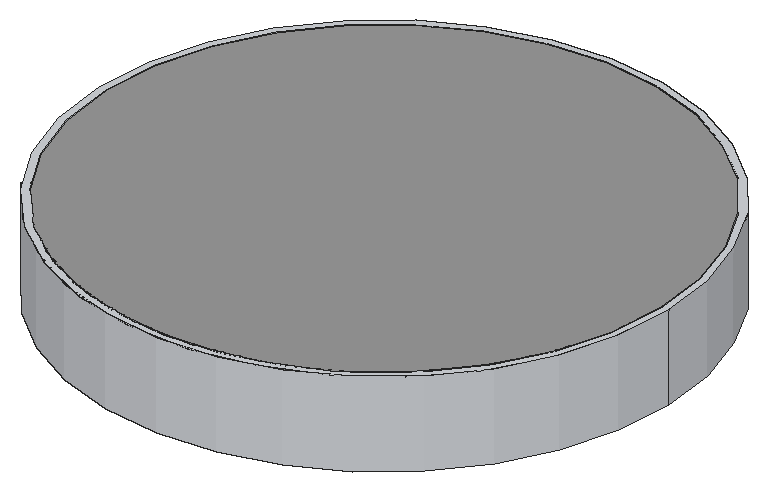
Revit family "2071156", category Lighting Fixtures, host Face, Revit 2018
Family settings
  Host = Face
  Round Connector Dimension = Use Diameter
  Part Type = Normal
  OmniClass Number = 23.80.70.00
  OmniClass Title = Lighting
  Cut with Voids When Loaded = No
  Light Source = Yes
  Shared = No
  Room Calculation Point = No
Parameters (values of type "2071156 COLOSSAL 400 940 PR DIR+H WHT")
  iner diameter = 390 mm
  Weight = "n/a"
  Wattage Comments = ""
  Wattage = 30 W
  WarrantyStartDate [instance] = "n/a"
  WarrantyGuarantorParts = "n/a"
  WarrantyDurationUnit = "n/a"
  WarrantyDurationParts = ""
  WarrantyDescription = "http://www.sylvania-lighting.com"
  built-in parameter 1150110 = 1 (stored number, unit not read)
  Voltage = 230 V
  URL = "0.93"
  TypeName = "COLOSSAL 400mm 940 PRISM DIR+HAL WHITE"
  Type Image = <None>
  Type Comments = "n/a"
  built-in parameter 1114217 = 1 (stored number, unit not read)
  Tilt Angle = -90.00°
  built-in parameter 1150109 = 1 (stored number, unit not read)
  built-in parameter 1150134 = (empty or 0)
  built-in parameter 1150113 = 1 (stored number, unit not read)
  SerialNumber [instance] = "n/a"
  Photometric Web File = "2071156.ies"
  Material_3_SYL = LED-Sylvania
  PowerFactor = 0
  PowerConsumption = "Lighting"
  NominalLength = 400 mm
  NominalHeight = 93 mm
  NominalDepth = 400 mm
  Name = "COLOSSAL 400mm 940 PRISM DIR+HAL WHITE"
  ModelReference = Name  # "COLOSSAL 400mm 940 PRISM DIR+HAL WHITE"
  ModelNumber = "2071156"
  Model = Name  # "COLOSSAL 400mm 940 PRISM DIR+HAL WHITE"
  Material = "Feilo Sylvania"
  ManufacturerName = "107 lm/W"
  Manufacturer = ""
  LuminousEfficacy = ""
  built-in parameter 1150105 = 270.44 (stored number, unit not read)
  Lumens = 3398.4 lm
  LuminaireType = "0"
  built-in parameter 1150115 = 1 (stored number, unit not read)
  LightOutputRatio = "LED"
  built-in parameter 1150137 = (empty or 0)
  built-in parameter 1150139 = (empty or 0)
  LampsType = Lamp  # "n/a"
  LampNominalLuminous = "4000 K"
  LampMacAdamStep = "90"
  LampColourTemperature = "LED"
  LampColourRenderingIndex = "16500"
  built-in parameter 1150112 = 1 (stored number, unit not read)
  built-in parameter 1150114 = 1 (stored number, unit not read)
  Lamp = "n/a"
  Keynote = "n/a"
  InstallationDate [instance] = "n/a"
  InputVoltage = "0"
  InputNominalFrequency = "4000"
  built-in parameter 1150132 = (empty or 0)
  built-in parameter 1150102 = (empty or 0)
  built-in parameter 1150107 = 3000 (stored number, unit not read)
  built-in parameter 1150138 = (empty or 0)
  IngressProtection = "IfcLightFixtureType"
  ImpactProtectionIndex = "IfcLightFixtureType"
  built-in parameter 1150106 = 2.7044 (stored number, unit not read)
  IfcExportType = "IfcLightFixtureType"
  IfcExportAs = "Class I"
  Emit from Circle Diameter = 385 mm
  Emit Shape Visible in Rendering = no
  ElectricShockClassification = "107"
  built-in parameter 1150104 = 10.524 (stored number, unit not read)
  DocumentationLiterature = "http://www.sylvania-lighting.com/product/en-int/products/2071156"
  DimmingControlOptions = "n/a"
  Material_2_SYL = Polycarbonate_Sylvania_White
  Dimming Lamp Color Temperature Shift = <None>
  Description = "400mm diameter circular architectural luminaire, can be surface mounted or suspended. Powder coated aluminium housing (RAL9016) with PMMA prismatic diffuser. Direct/indirect (halo) light distribution, 1715lm luminuous flux, 16W system power, 107lm/W luminiaire efficacy. Constant current driver. Colour rendering index Ra >90, 4000K Neutral White LED, chromaticity tolerance of 3-step MacAdam ellipse. IP40, IK03. 350mA drive current. UGR≤19. Electrical protection Class1, 220-240V. Reported lifetime 66k hours L90B10."
  Default Elevation = 1219.2 mm
  CreatedOn = "22/03/2022"
  CreatedBy = "@sylvania-lighting.com"
  Cost = 0
  Color Filter = 16777215
  built-in parameter 1114216 [instance] = (empty or 0)
  ClassificationValue = "EF_70_80"
  ClassificationName = "Uniclass2015"
  Material_1_SYL = Polycarbonate_Sylvania_Opal
  BarCode [instance] = "n/a"
  built-in parameter 1114218 = 1 (stored number, unit not read)
  built-in parameter 1150133 = 10 (stored number, unit not read)
  AssetType = "Fixed"
  AssetIdentifier [instance] = "n/a"
  Assembly Code = "D5020200"
  Apparent Load = 16 VA
  Material_4_SYL = none
Reference planes
  plane 1 "Center (Front/Back)": y = 0
  plane 2: z = 0
  plane 3 "Center (Left/Right)": x = 0
  plane 4: x = -200
  plane 5: x = 200
  plane 6: y = 200
  plane 7: y = -200
  plane 8: y = 236
  plane 9: y = -236
  plane 10: z = 93
  plane 11: y = 195
  plane 12: y = -195
  plane 13: y = 90.5
  plane 14: y = 144.5
  plane 15: through (52.25, 90.5, 1219.2) normal (0.866, 0.5, 0)
  plane 16: through (52.25, 90.5, 1219.2) normal (0.866, 0.5, 0)
  plane 17: through (63.706, 126.657, 1219.2) normal (0.866, 0.5, 0)
  plane 18: through (-104.5, 0, 1219.2) normal (-0.866, 0.5, 0)
  plane 19: through (-142.394, -9.633, 1219.2) normal (-0.866, 0.5, 0)
  plane 20: y = -90.5
  plane 21: y = -118.5
  plane 22: through (85.371, -141.133, 1219.2) normal (-0.866, 0.5, 0)
  plane 23: through (52.25, -90.5, 1219.2) normal (-0.866, 0.5, 0)
  plane 24: through (-161.658, 0, 1219.2) normal (0.866, 0.5, 0)
  plane 25: through (-172.12, 9.121, 1219.2) normal (0.866, 0.5, 0)
  plane 26: through (-104.5, 0, 1219.2) normal (0.866, 0.5, 0)
Forms (mm)
  Extrusion 1, solid, detail levels medium+fine
    sketch origin (0, 0, 0) x (1, 0, 0) y (0, 1, 0)
      loop
        circle (0, 0) r 200
    from 33.023 to 93
  Extrusion 2, void
    sketch origin (0, 0, 0) x (1, 0, 0) y (0, 1, 0)
      loop
        circle (0, 0) r 195
    from 93 to 37.292
  Extrusion 3, solid, material "Glass, White, High Luminance", detail levels fine
    sketch origin (0, 0, 0) x (1, 0, 0) y (0, 1, 0)
      loop
        circle (0, 0) r 195
    from 88.026 to 93
  Extrusion 4, solid, detail levels coarse
    sketch origin (0, 0, 0) x (1, 0, 0) y (0, 1, 0)
      loop
        line (-200, 200) -> (-200, -200) -> (200, -200) -> (200, 200) -> (-200, 200)
    from 0 to 93
  Blend 5, solid, detail levels medium+fine
    base sketch origin (0, 0, 0) x (1, 0, 0) y (0, 1, 0)
      loop
        line (-52.25, 90.5) -> (-104.5, 0) -> (-52.25, -90.5) -> (52.25, -90.5) -> (104.5, 0) -> (52.25, 90.5) -> (-52.25, 90.5)
    top sketch origin (0, 0, 0) x (1, 0, 0) y (0, 1, 0)
      loop
        line (-53.405, 144.5) -> (-149.245, -21.5) -> (-93.242, -118.5) -> (98.438, -118.5) -> (151.843, -26) -> (53.405, 144.5) -> (-53.405, 144.5)
    from 0 to 33.023
Cuts and joins
  Extrusion 2 cuts Extrusion 1
Dimensions and locks
  "NominalDepth": plane 6 to plane 7
  "NominalLength": plane 4 to plane 5
  equal spacing: plane 4, plane 3 "Center (Left/Right)", plane 5
  "iner diameter": plane 11 to plane 12
  equal spacing: plane 11, plane 1 "Center (Front/Back)", plane 12
  equal spacing: plane 6, plane 1 "Center (Front/Back)", plane 7
  "NominalHeight": plane 10 to level
  plane 19 to plane 18 = 28 mm
  radius of Extrusion 2 sketch curve = 195 mm
  aligned and locked: plane 2 to host face
  aligned and locked: level to host face
Automatic sketch dimensions
  host sketch curve to host sketch curve = 2438.4 mm  (x2)
  plane 1 "Center (Front/Back)" to Extrusion 1 sketch curve = 0 mm
  Extrusion 1 sketch curve to plane 3 "Center (Left/Right)" = 0 mm
  plane 1 "Center (Front/Back)" to Extrusion 2 sketch curve = 0 mm
  Extrusion 2 sketch curve to plane 3 "Center (Left/Right)" = 0 mm
  plane 1 "Center (Front/Back)" to Extrusion 3 sketch curve = 0 mm
  Extrusion 3 sketch curve to plane 3 "Center (Left/Right)" = 0 mm
  Extrusion 4 sketch curve to plane 4 = 0 mm
  Extrusion 4 sketch curve to plane 5 = 0 mm
  Extrusion 4 sketch curve to plane 7 = 0 mm
  Extrusion 4 sketch curve to plane 6 = 0 mm
  Blend 5 sketch curve to plane 19 = 0 mm  (x2)
  Blend 5 sketch curve to plane 24 = 0 mm  (x2)
  Blend 5 sketch curve to plane 21 = 0 mm
  Blend 5 sketch curve to plane 14 = 0 mm
  Blend 5 sketch curve to plane 17 = 0 mm  (x2)
  Blend 5 sketch curve to plane 22 = 0 mm  (x2)
  radius of Extrusion 1 sketch curve = 200 mm
  radius of Extrusion 3 sketch curve = 195 mm
Connectors
  electrical at (0, 0, 0), driven by "Apparent Load", driven by "PowerFactor", driven by "Voltage"
    settings: index 1, voltage 230 V, apparent load 16 VA, apparent load phase1 0 VA, apparent load phase2 0 VA, apparent load phase3 0 VA, power factor 0, load classification "Lighting", number of poles 1, system type 30, power factor state 1, is connector primary yes, connector utility no, sub classification motor no, connector description ""
